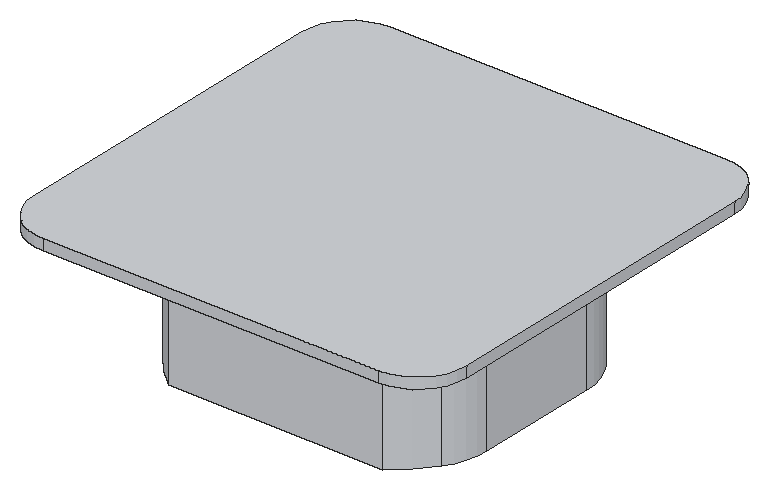
Revit family "Gira_540000", category Electrical Fixtures, host Face, Revit 2017
Family settings
  Host = Face
  Maintain Annotation Orientation = Yes
  Round Connector Dimension = Use Diameter
  Part Type = Normal
  Cut with Voids When Loaded = No
  Shared = No
  Room Calculation Point = No
Parameters (values of type "S3000 Uni-LED-Dimmeins. Standard Einsatz")
  Zusammenstellung = "Basiselement"
  Werkstoffgüte = "sonstige"
  Werkstoff = "sonstige"
  Verwendbar mit Zeitschalter/Timer = "No"
  Verwendbar mit Taste = "No"
  Verwendbar mit Präsenzmelder = "No"
  Verwendbar mit IR-Taste = "No"
  Verwendbar mit Funktaste = "No"
  Verwendbar mit Bewegungsmelder = "No"
  URL = "http://katalog.gira.de/de_DE/datenblatt.html?artikelnr=540000"
  Transparent = "No"
  Seriendimmer = "No"
  Region = "DE"
  Oberfläche = "sonstige"
  Nennspannung = "230 - 230"
  Nebenstelleneingang = "No"
  Name = "S3000 Uni-LED-Dimmeins. Standard Einsatz"
  Montageart = "unter Putz"
  Manufacturer URL = "https://www.gira.de/"
  Lichtwertspeicher = "Yes"
  Lastart = "universal und LED Retrofit"
  Keynote = "Einsatz_1fach"
  HeinzeBIM = "https://bimportal.heinze.de/bim/s3000-uni-led-dimmeins-standard-einsatz/a8122565707b6f345db8faf70e6e89f5fc583bf7"
  Halogenfrei = "No"
  HAN = "540000"
  Geeignet für Schutzart (IP) = "IP20"
  GTIN = "4010337047995"
  Frequenz = "50 - 60"
  Farbe = "sonstige"
  Dimmung Phasenanschnitt = "Yes"
  Dimmung Phasenabschnitt = "Yes"
  Default Elevation = 1219.2 mm
  Data sheet (1) = "https://katalog.gira.de/de_DE/download.html?artikelnr=540000"
  Category = "Dimmer"
  Befestigungsart = "Krallen-/Schraubbefestigung"
  Bedienungsart = "Dreh-/Druckknopf"
  Available = "Yes"
  App-Steuerung über Bluetooth = "No"
  Anschlussart = "Schraubklemme"
Reference planes
  plane 1 "Center (Front/Back)": y = 0
  plane 2: z = 0
  plane 3 "Center (Left/Right)": x = 0
Forms (mm)
  Extrusion 1, solid, detail levels fine
    sketch origin (0, 0, 0) x (1, 0, 0) y (0, 1, 0)
      loop
        line (27.475, 35.475) -> (-27.475, 35.475)
        arc (-27.475, 35.475) -> (-33.132, 33.132) -> (-35.475, 27.475) r 8
        line (-35.475, 27.475) -> (-35.475, -27.475)
        arc (-35.475, -27.475) -> (-33.132, -33.132) -> (-27.475, -35.475) r 8
        line (-27.475, -35.475) -> (27.475, -35.475)
        arc (27.475, -35.475) -> (33.132, -33.132) -> (35.475, -27.475) r 8
        line (35.475, -27.475) -> (35.475, 27.475)
        arc (35.475, 27.475) -> (33.132, 33.132) -> (27.475, 35.475) r 8
    from 0 to 1.8
  Extrusion 2, solid, detail levels fine
    sketch origin (0, 0, 0) x (1, 0, 0) y (0, 1, 0)
      loop
        line (9.678, 25.4) -> (-9.678, 25.4)
        arc (-9.678, 25.4) -> (-12.885, 24.922) -> (-15.814, 23.53) r 11
        arc (-15.814, 23.53) -> (-17.795, 22.07) -> (-19.641, 20.444) r 28.35
        arc (-19.641, 20.444) -> (-21.339, 18.665) -> (-22.876, 16.745) r 28.35
        arc (-22.876, 16.745) -> (-24.456, 13.666) -> (-25, 10.248) r 11
        line (-25, 10.248) -> (-25, -10.248)
        arc (-25, -10.248) -> (-24.456, -13.666) -> (-22.876, -16.745) r 11
        arc (-22.876, -16.745) -> (-20.409, -19.677) -> (-17.569, -22.25) r 28.35
        line (-17.569, -22.25) -> (17.569, -22.25)
        arc (17.569, -22.25) -> (20.409, -19.677) -> (22.876, -16.745) r 28.35
        arc (22.876, -16.745) -> (24.456, -13.666) -> (25, -10.248) r 11
        line (25, -10.248) -> (25, 10.248)
        arc (25, 10.248) -> (24.456, 13.666) -> (22.876, 16.745) r 11
        arc (22.876, 16.745) -> (21.593, 18.37) -> (20.195, 19.897) r 28.35
        arc (20.195, 19.897) -> (18.096, 21.823) -> (15.814, 23.53) r 28.35
        arc (15.814, 23.53) -> (12.885, 24.922) -> (9.678, 25.4) r 11
    from 0 to -22
  Extrusion 3, solid, detail levels medium
    sketch origin (0, 0, 0) x (1, 0, 0) y (0, 1, 0)
      loop
        line (-25, 25.4) -> (-25, -22.25) -> (25, -22.25) -> (25, 25.4) -> (-25, 25.4)
    from 0 to -22
  Extrusion 4, solid, detail levels coarse
    sketch origin (0, 0, 0) x (1, 0, 0) y (0, 1, 0)
      loop
        line (35.475, 35.475) -> (-35.475, 35.475) -> (-35.475, -35.475) -> (35.475, -35.475) -> (35.475, 35.475)
    from -22 to 1.8
  Extrusion 5, solid, detail levels medium
    sketch origin (0, 0, 0) x (1, 0, 0) y (0, 1, 0)
      loop
        line (35.475, 35.475) -> (-35.475, 35.475) -> (-35.475, -35.475) -> (35.475, -35.475) -> (35.475, 35.475)
    from 0 to 1.8
Dimensions and locks
  aligned and locked: plane 2 to host face
  aligned and locked: level to host face
  aligned and locked: plane 3 "Center (Left/Right)" to nested 1
  aligned and locked: plane 1 "Center (Front/Back)" to nested 1
Nested families
  nested 1: "RJ45-Datendose Beschriftung" at (0, 0, 0), type "RJ45-Datendose Beschriftung"
Connectors
  electrical at (0, 0, -22)
    settings: on Extrusion 4, index 1, voltage 220 V, apparent load 0 VA, apparent load phase1 0 VA, apparent load phase2 0 VA, apparent load phase3 0 VA, power factor 1, load classification "Other", number of poles 1, system type 30, power factor state 1, is connector primary yes, connector utility no, sub classification motor no, connector description ""
Definition of nested family "RJ45-Datendose Beschriftung"
  Reference planes
    plane 1: y = 0
    plane 2: x = 0
  Lines and regions (mm)
    Filled region 1, type "Gefüllter Bereich 1"
      outline origin (0, 0, 0) x (1, 0, 0) y (0, 1, 0)
        loop
          circle (0, 2.4) r 0.4
    detail lines
      curve 1: line (0, 0, 0) -> (0, 2, 0)
      curve 2: line (0, 2, 0) -> (1.2, 2, 0)
      curve 3: line (1.2, 2, 0) -> (1.2, 3.6, 0)
      curve 4: circle (0, 2.4, 0) r 0.4 normal (0, 0, 1)
      curve 5: line (0, 2, 0) -> (-1.2, 2, 0)
      curve 6: line (-1.2, 2, 0) -> (-1.2, 3.6, 0)
